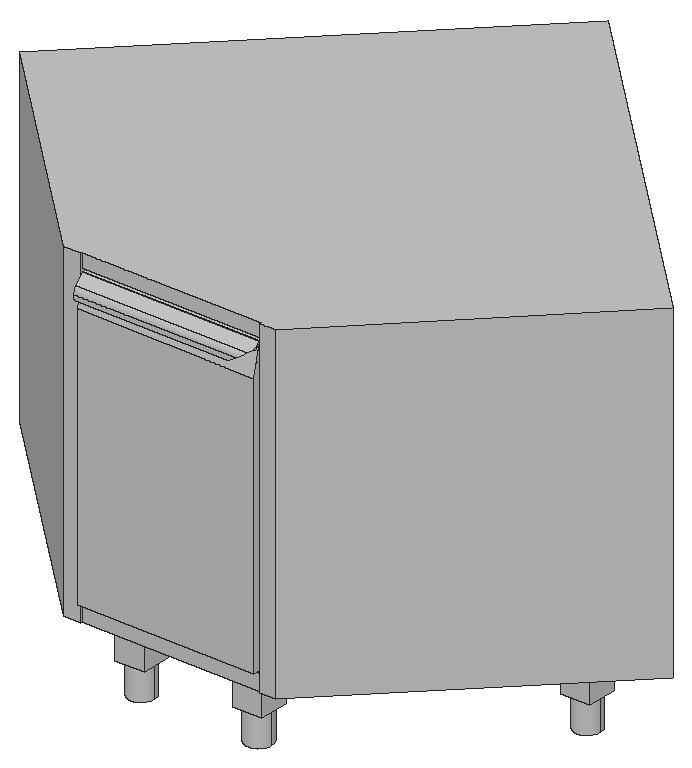
Revit family "QF_ELECTROLUXPROFESSIONAL_121817_TEAP7", category Attrezzature speciali, Revit 2020
Family settings
  Quota connettore circolare = Usa diametro
  Tipo di parte = Normale
  Basato su piano di lavoro = No
  Sempre verticale = Sì
  Taglio con vuoti quando caricato = No
  Condiviso = No
  Punto di calcolo locali = No
Parameters (values of type "Standard")
  Weight = 40.00 kg
  Watts = 0 W
  Volts = 0 V
  URL Manufacturer = "https://www.electroluxprofessional.com/"
  URL = "https://www.electroluxprofessional.com/"
  Steam Supply Size = 0 mm
  Steam Supply Minimum Pressure = 0.0 Pa
  Steam Supply Maximum Pressure = 0.0 Pa
  Steam Consumption per Hour = 0
  Refrigeration Suction Line Size = 0.0 mm
  Refrigeration Liquid Line Size = 0.0 mm
  Refrigerant Compressor Remote = yes
  Prospetto di default = 0.0 mm
  Produttore = "Electrolux Professional"
  Phase = 0
  Modello = "TEAP7"
  Length Actual = 1000.0 mm  # constant formula
  Item Number = "121817"
  Hot Water Size = 0 mm
  Height Actual = 860.0 mm  # constant formula
  HP = "0 HP"
  Gas Size = 0 mm
  Gas KW = 0
  Gas Input Pressure = 0 W
  Direct Waste Size = 0 mm
  Descrizione = "AMBIENT CORNER UNIT 1 HINGED DOOR 1000MM"
  Depth Actual = 680.0 mm  # constant formula
  Cycle = 0 Hz
  Condensate Return Size = 0 mm
  Compressed Air Volume = 0.0 L/s
  Compressed Air Size = 0 mm
  Compressed Air Pressure = 0.0 Pa
  Cold Water Size = 0 mm
  Accessory = yes
Reference planes
  plane 1: z = 0
  plane 2 "Center (Left/Right)": x = -300
  plane 3 "Base": z = 860
  plane 4 "TOP": z = 900
  plane 5: y = -254
  plane 6 "FEET": z = 150
  plane 7: y = -337
  plane 8 "InsBack": through (-329.577, 803.649, 4000) normal (0.7071, -0.7071, 0)
  plane 9: through (-300, 833.227, 4000) normal (0.7071, 0.7071, 0)
  plane 10: through (-773.762, 359.465, 4000) normal (0.7071, 0.7071, 0)
  plane 11: through (144.184, 329.888, 4000) normal (0.7071, -0.7071, 0)
  plane 12: x = -827.714
  plane 13: x = 227.7
  plane 14: y = 833.227
  plane 15: y = 699.384
  plane 16: x = 827.568
  plane 17 "InsLeft": through (216.138, -1082.983, 4000) normal (-0.7071, -0.7071, 0)
  plane 18: through (-816.138, -1082.983, 4000) normal (-0.7071, 0.7071, 0)
  plane 19: x = -1000.036
  plane 20: x = 399.964
  plane 21 "Center (Front/Back)": y = 133.191
Forms (mm)
  Extrusion 1, solid, material "QF_Finishes_Stainless Steel"
    sketch origin (0, 0, 150) x (-1, 0, 0) y (0, -1, 0)
      loop
        line (526.845, 340) -> (492, 340) -> (492, 303) -> (515.761, 303) -> (951.952, -133.191) -> (300, -785.143) -> (-351.952, -133.191) -> (84.239, 303) -> (108, 303) -> (108, 340) -> (73.155, 340) -> (-400.036, -133.191) -> (300, -833.227) -> (1000.036, -133.191) -> (526.845, 340)
    from 0 to 680
  Extrusion 2, solid, material "QF_Finishes_Stainless Steel"
    sketch origin (0, 0, 150) x (-1, 0, 0) y (0, -1, 0)
      loop
        line (492, 337) -> (108, 337) -> (108, 303) -> (84.196, 303) -> (-351.974, -133.17) -> (300, -785.143) -> (951.974, -133.17) -> (515.804, 303) -> (492, 303) -> (492, 337)
    from 0 to 35
  Extrusion 3, solid, material "QF_Finishes_Stainless Steel"
    sketch origin (0, 0, 0) x (1, 0, 0) y (0, 1, 0)
      loop
        line (-951.952, 133.191) -> (-515.761, -303) -> (-84.239, -303) -> (351.952, 133.191) -> (-300, 785.143) -> (-951.952, 133.191)
    from 490 to 520
  Extrusion 4, solid, material "QF_Finishes_Stainless Steel"
    sketch origin (0, 0, 0) x (1, 0, 0) y (0, 1, 0)
      loop
        line (-492, -337) -> (-108, -337) -> (-108, -340) -> (-73.155, -340) -> (400.036, 133.191) -> (-300, 833.227) -> (-1000.036, 133.191) -> (-526.845, -340) -> (-492, -340) -> (-492, -337)
    from 830 to 860
Cuts and joins
  joined: Extrusion 1, Extrusion 4
Lines and regions (mm)
  symbolic lines, style "SpecialityEquipmentHiddenLines"
    curve 1: line (-526, -354, 150) -> (-492, -354, 150)
    curve 2: line (-492, -354, 150) -> (-492, -337, 150)
    curve 3: line (-492, -337, 150) -> (-108, -337, 150)
    curve 4: line (-492, -340, 150) -> (-526.845, -340, 150)
    curve 5: line (-526.845, -340, 150) -> (-1000.036, 133.191, 150)
    curve 6: line (-1000.036, 133.191, 150) -> (-300, 833.227, 150)
    curve 7: line (-300, 833.227, 150) -> (400.036, 133.191, 150)
    curve 8: line (400.036, 133.191, 150) -> (-73.155, -340, 150)
    curve 9: line (-73.155, -340, 150) -> (-108, -340, 150)
    curve 10: line (-108, -340, 150) -> (-108, -337, 150)
Dimensions and locks
  locked: plane 6 "FEET" to level at 150
  locked: plane 3 "Base" to level at 860
  locked: plane 4 "TOP" to level at 900
  plane 9 to plane 10 = 670.0 mm
  plane 11 to plane 8 "InsBack" = 670.0 mm
  plane 9 to plane 17 "InsLeft" = 990.0 mm
  plane 19 to plane 20 = 1400.0 mm
  plane 18 to plane 8 "InsBack" = 990.0 mm
  aligned and locked: level to plane 1
  aligned and locked: plane 3 "Base" to Extrusion 4
  aligned and locked: Extrusion 2 to plane 7
  aligned and locked: Extrusion 4 to plane 7
Nested families
  nested 1: "FEET_L63-150" at (-426, -258.74, 0), type "FEET_L63-150"
  nested 2: "FEET_L63-150" at (-174, -258.74, 0), type "FEET_L63-150"
  nested 3: "H637_400ang_1DOOR" at (-336.042, -311, 151.32) x (1, 0, 0) z (0, -1, 0), type "H637_400ang_1DOOR"
    with Width 452.0 mm, Show Clearance yes
  nested 4: "FEET_L63-150" at (-827.714, 119.883, 0), type "FEET_L63-150"
  nested 5: "FEET_L63-150" at (-300, 699.134, 0), type "FEET_L63-150"
  nested 6: "FEET_L63-150" at (227.714, 119.883, 0) x (-1, 0, 0) z (0, 0, 1), type "FEET_L63-150"
Definition of nested family "FEET_L63-150"
  Parameters
    Default Elevation = 0.0 mm
    FEET = 150.0 mm
  Reference planes
    plane 1 "Center (Front/Back)": y = 0
    plane 2: z = 0
    plane 3 "Center (Left/Right)": x = 0
    plane 4: z = 150
  Forms (mm)
    Extrusion 1, solid
      sketch origin (0, 0, 0) x (1, 0, 0) y (0, 1, 0)
        loop
          circle (0, 0) r 28
      from 0 to 67
    Extrusion 2, solid
      sketch origin (0, 0, 0) x (1, 0, 0) y (0, 1, 0)
        loop
          line (31.561, 31.5) -> (-31.439, 31.5) -> (-31.439, -31.5) -> (31.561, -31.5) -> (31.561, 31.5)
      from 67 to 150 <- "FEET"
  Lines and regions (mm)
    symbolic lines
      curve 1: line (0, -1.503, 0) -> (0, 1.508, 0)
      curve 2: line (1.561, 0, 0) -> (-1.439, 0, 0)
  Dimensions and locks
    "FEET": plane 4 to plane 2
    aligned and locked: level to plane 2
  Automatic sketch dimensions
    plane 1 "Center (Front/Back)" to Extrusion 1 sketch curve = 0.0 mm
    Extrusion 1 sketch curve to plane 3 "Center (Left/Right)" = 0.0 mm
    plane 1 "Center (Front/Back)" to curve 2 = 0.0 mm
    curve 1 to plane 3 "Center (Left/Right)" = 0.0 mm
    curve 2 to plane 3 "Center (Left/Right)" = 1.439 mm
    plane 3 "Center (Left/Right)" to curve 2 = 1.561 mm
    plane 1 "Center (Front/Back)" to curve 1 = 1.503 mm
    curve 1 to plane 1 "Center (Front/Back)" = 1.508 mm
    Extrusion 2 sketch curve to plane 1 "Center (Front/Back)" = 31.5 mm
    Extrusion 2 sketch curve to plane 3 "Center (Left/Right)" = 31.439 mm
    plane 3 "Center (Left/Right)" to Extrusion 2 sketch curve = 31.561 mm
    plane 1 "Center (Front/Back)" to Extrusion 2 sketch curve = 31.5 mm
    radius of Extrusion 1 sketch curve = 28.0 mm
Definition of nested family "H637_400ang_1DOOR"
  Parameters
    Width [instance] = 452.0 mm
    Show Clearance [instance] = yes
    Model = "727995"
    Height = 710.0 mm
    Default Elevation = 0.0 mm
  Reference planes
    plane 1 "Center (Front/Back)": y = 0
    plane 2: z = 0
    plane 3 "Center (Left/Right)": x = 36.042
    plane 4 "panel": z = 25
    plane 5 "Left": x = -189.958
    plane 6 "Right": x = 262.042
    plane 7: y = 710
    plane 8: z = 45
    plane 9: x = 225.042
    plane 10: x = -152.958
    plane 11: y = 672
    plane 12: y = 38
    plane 13: z = 425
  Forms (mm)
    Extrusion 1, solid
      sketch origin (0, -919.2, 0) x (1, 0, 0) y (0, 1, 0)
        loop
          line (-980.5, 2119.2) -> (-980.5, -162.846) -> (881.94, -162.846) -> (881.94, 2119.2) -> (-980.5, 2119.2)
      from 0 to -59.546
    Extrusion 2, solid
      sketch origin (36.042, -219.693, 0) x (0, 1, 0) y (0, 0, 1)
        loop
          line (848.63, 49.734) -> (848.63, 47.734) -> (858.98, 47.734)
          arc (858.98, 47.734) -> (865.586, 46.42) -> (871.186, 42.679) r 17.261
          line (871.186, 42.679) -> (888.019, 25.845) -> (891.693, 25) -> (872.6, 44.093)
          arc (872.6, 44.093) -> (866.351, 48.268) -> (858.98, 49.734) r 19.261
          line (858.98, 49.734) -> (848.63, 49.734)
      from -189 to 189
    Extrusion 3, void
      sketch origin (0, -219.693, 25) x (1, 0, 0) y (0, 1, 0)
        loop
          line (230.066, 839.859) -> (230.066, 882.225) -> (225.042, 882.225)
          arc (225.042, 882.225) -> (224.688, 880.688) -> (223.873, 879.339) r 5
          line (223.873, 879.339) -> (181.197, 850.51)
          arc (181.197, 850.51) -> (178.266, 849.11) -> (175.054, 848.63) r 10.974
          line (175.054, 848.63) -> (-148.198, 848.63)
          arc (-148.198, 848.63) -> (-151.564, 850.024) -> (-152.958, 853.39) r 4.76
          line (-152.958, 853.39) -> (-152.958, 839.859) -> (230.066, 839.859)
      from 0 to 27.674
    Extrusion 4, solid
      sketch origin (36.042, -190, 0) x (0, 1, 0) y (0, 0, 1)
        loop
          line (228, 40) -> (228, 0) -> (862, 0) -> (862, 25) -> (796.797, 40) -> (228, 40)
      from 189 to -189
    Extrusion 5, solid, detail levels coarse
      sketch origin (0, 0, 0) x (1, 0, 0) y (0, 0, 1)
        loop
          line (225.042, 49.734) -> (225.042, 425)
          arc (225.042, 425) -> (-34.918, 309.015) -> (-152.413, 49.734) r 401.022
          line (-152.413, 49.734) -> (225.042, 49.734)
      from -38 to -672
  Cuts and joins
    Extrusion 3 cuts Extrusion 2
  Lines and regions (mm)
    symbolic lines
      curve 1: arc (225.042, 0, 425) -> (-34.918, 0, 309.015) -> (-152.413, 0, 49.734) r 401.022
      curve 2: line (225.042, 0, 40) -> (225.042, 0, 425)
      curve 3: line (193.735, 0, 49.734) -> (-152.958, 0, 49.734)
      curve 4: spline (213.459, 0, 44.389) -> (211.921, 0, 45.265) -> (210.356, 0, 46.066) -> (208.765, 0, 46.791) -> (207.151, 0, 47.437) -> (205.517, 0, 48.005) -> (203.865, 0, 48.493) -> (202.198, 0, 48.9) -> (200.519, 0, 49.226) -> (198.831, 0, 49.471) -> (197.136, 0, 49.633) -> (195.436, 0, 49.712) -> (193.736, 0, 49.71)
      curve 5: line (219.956, 0, 40) -> (213.459, 0, 44.389)
      curve 6: line (-152.958, 0, 49.734) -> (-152.958, 0, 40)
  Dimensions and locks
    plane 4 "panel" to level = 25.0 mm
    "Width": plane 5 "Left" to plane 6 "Right"
    equal spacing: plane 5 "Left", plane 3 "Center (Left/Right)", plane 6 "Right"
    "Height": plane 1 "Center (Front/Back)" to plane 7
    plane 9 to plane 6 "Right" = 37.0 mm
    plane 5 "Left" to plane 10 = 37.0 mm
    plane 7 to plane 11 = 38.0 mm
    plane 1 "Center (Front/Back)" to plane 12 = 38.0 mm
    plane 10 to plane 9 = 378.0 mm
    aligned and locked: plane 2 to Extrusion 1
    aligned and locked: level to Extrusion 1
    aligned and locked: plane 10 to Extrusion 2
    aligned and locked: plane 9 to Extrusion 2
    aligned and locked: plane 10 to Extrusion 4
    aligned and locked: plane 9 to Extrusion 4
  Automatic sketch dimensions
    Extrusion 1 sketch curve to Extrusion 1 sketch curve = 1862.44 mm
    Extrusion 1 sketch curve to Extrusion 1 sketch curve = 2282.046 mm
    Extrusion 3 sketch curve to plane 10 = 0.0 mm
    Extrusion 3 sketch curve to plane 9 = 0.0 mm
    Extrusion 3 sketch curve to Extrusion 3 sketch curve = 4.76 mm
    Extrusion 3 sketch curve to plane 9 = 49.988 mm
    Extrusion 3 sketch curve to Extrusion 3 sketch curve = 6.143 mm
    Extrusion 3 sketch curve to plane 9 = 4.988 mm
    Extrusion 3 sketch curve to plane 9 = 1.169 mm
    Extrusion 3 sketch curve to plane 6 "Right" = 31.976 mm
    Extrusion 3 sketch curve to plane 7 = 89.834 mm
    Extrusion 3 sketch curve to Extrusion 3 sketch curve = 8.771 mm
    Extrusion 3 sketch curve to Extrusion 3 sketch curve = 1.88 mm
    Extrusion 3 sketch curve to Extrusion 3 sketch curve = 39.48 mm
    Extrusion 3 sketch curve to Extrusion 3 sketch curve = 2.886 mm
    Extrusion 4 sketch curve to level = 0.0 mm
    Extrusion 4 sketch curve to plane 12 = 0.0 mm
    Extrusion 4 sketch curve to plane 4 "panel" = 0.0 mm
    Extrusion 4 sketch curve to plane 11 = 0.0 mm
    Extrusion 4 sketch curve to plane 8 = 5.0 mm
    Extrusion 4 sketch curve to plane 11 = 65.203 mm
    Extrusion 2 sketch curve to Extrusion 2 sketch curve = 0.0 mm  (x2)
    Extrusion 2 sketch curve to plane 4 "panel" = 0.0 mm
    Extrusion 2 sketch curve to plane 11 = 0.0 mm
    Extrusion 2 sketch curve to plane 8 = 0.907 mm
    Extrusion 2 sketch curve to plane 11 = 19.093 mm
    Extrusion 2 sketch curve to plane 8 = 2.321 mm
    Extrusion 2 sketch curve to Extrusion 2 sketch curve = 1.414 mm
    plane 4 "panel" to Extrusion 2 sketch curve = 5.474 mm
    Extrusion 2 sketch curve to Extrusion 2 sketch curve = 12.205 mm
    Extrusion 2 sketch curve to Extrusion 2 sketch curve = 10.351 mm
    plane 4 "panel" to Extrusion 2 sketch curve = 0.845 mm
    Extrusion 2 sketch curve to plane 11 = 3.674 mm
    plane 10 to curve 6 = 0.0 mm
    curve 2 to plane 9 = 0.0 mm
    curve 2 to plane 13 = 0.0 mm
    curve 5 to plane 8 = 0.611 mm
    curve 5 to plane 9 = 11.583 mm
    curve 1 to plane 4 "panel" = 0.374 mm
    curve 1 to plane 6 "Right" = 14.22 mm
    plane 8 to curve 3 = 4.734 mm
    curve 3 to curve 4 = 19.723 mm
    curve 3 to curve 4 = 0.0 mm
    curve 4 to curve 4 = 0.908 mm
    curve 5 to plane 9 = 5.086 mm
    curve 4 to level = 1.281 mm
    curve 2 to plane 8 = 5.0 mm
    curve 5 to plane 8 = 5.0 mm
    curve 6 to plane 8 = 5.0 mm
    curve 4 to curve 3 = 0.025 mm
    Extrusion 5 sketch curve to plane 9 = 0.0 mm
    Extrusion 5 sketch curve to plane 13 = 0.0 mm
    Extrusion 5 sketch curve to plane 10 = 0.545 mm
    Extrusion 5 sketch curve to plane 4 "panel" = 0.374 mm
    Extrusion 5 sketch curve to Extrusion 5 sketch curve = 22.78 mm
